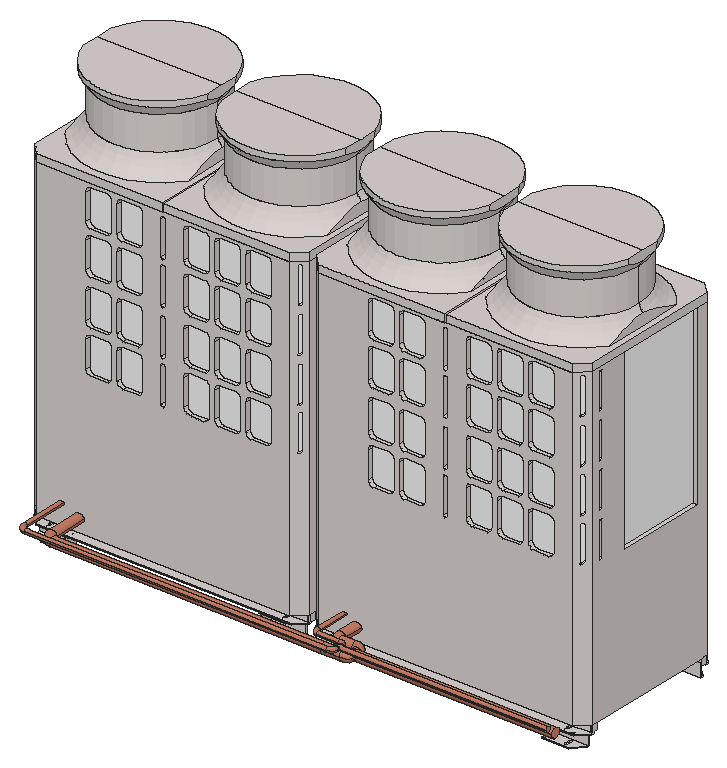
Revit family "PUHY-EP850YSNW-A", category Mechanical Equipment, Revit 2012 (continued)
Definition of nested family "PUHY-EP450YNW-A"
  Dimensions and locks
    cut or joined group 1 (Extrusion 1, Extrusion 2, Extrusion 3, Extrusion 4, Extrusion 5, Extrusion 6, Extrusion 7, Extrusion 8, Extrusion 9, Extrusion 10, Extrusion 11, Extrusion 12, Extrusion 13, Extrusion 14, Extrusion 15, Extrusion 16, Extrusion 17, Extrusion 18, Extrusion 19, Extrusion 20, Extrusion 21, Extrusion 22, Extrusion 23, Extrusion 24, Extrusion 25, Extrusion 26, Extrusion 27, Extrusion 28, Extrusion 29, Extrusion 30, Extrusion 31, Extrusion 32, Extrusion 33) to plane 19 "132" = 132 mm
    cut or joined group 1 to plane 22 = 207 mm
    cut or joined group 1 to plane 23 = 256 mm
    cut or joined group 1 to plane 6 = 60 mm
    cut or joined group 1 to cut or joined group 1 = 42.154 mm
    cut or joined group 1 to cut or joined group 1 = 11.895 mm
    nested 1 to nested 3 to level = 1798 mm, 60 mm
    nested 1 to nested 1 = 303 mm
    nested 1 to nested 3 = 1495 mm
    nested 8 to nested 8 to nested 8 to nested 7 to nested 7 to nested 7 = 54 mm, 20 mm, 592 mm, 20 mm, 54 mm
    nested 3 to nested 3 = 56 mm
    plane 11 to plane 31 to plane 32 to cut or joined group 1 = 90 mm, 1060 mm, 90 mm
    curve 103 to nested 7 = 90 mm
    curve 104 to nested 7 = 125 mm
    curve 101 to nested 7 = 100 mm
    curve 11 to curve 13 to nested 7 = 84 mm, 71 mm
    cut or joined group 1 to curve 12 to curve 14 = 125 mm, 148 mm
    nested 2 to nested 7 = 1495 mm
    curve 87 to cut or joined group 1 = 152 mm
    curve 88 to cut or joined group 1 = 172 mm
    curve 89 to cut or joined group 1 = 216 mm
    cut or joined group 1 to curve 4 to curve 2 = 128 mm, 150 mm
    cut or joined group 1 to curve 1 to curve 3 = 79 mm, 94 mm
    Extrusion 32 sketch curve to nested 7 = 116 mm
    cut or joined group 1 to Extrusion 32 sketch curve = 160 mm
    cut or joined group 1 to Extrusion 33 sketch curve = 243 mm
    Extrusion 33 sketch curve to nested 7 = 116 mm
    aligned and locked: level to plane 2
    aligned and locked: Extrusion 1 to plane 4
  Nested families
    nested 1: "FAN GUARD" at (-311.5, 2, 860), type "FAN GUARD"
      with WIDTH 870 mm
    nested 2: "FAN GUARD" at (311.5, 2, 860) x (-1, 0, 0) z (0, 0, 1), type "FAN GUARD"
      with WIDTH 870 mm
    nested 3: "ATTACHMENT LEG" at (-524, -349, 0), type "ATTACHMENT LEG"
    nested 4: "ATTACHMENT LEG" at (-524, 349, 0), type "ATTACHMENT LEG"
    nested 5: "ATTACHMENT LEG" at (524, -349, 0) x (-1, 0, 0) z (0, 0, 1), type "ATTACHMENT LEG"
    nested 6: "ATTACHMENT LEG" at (524, 349, 0) x (-1, 0, 0) z (0, 0, 1), type "ATTACHMENT LEG"
    nested 7: "BASE LEG_L_" at (0, -352, 60), type "BASE LEG_L_"
      with Width 1240 mm
    nested 8: "BASE LEG_L_" at (0, 352, 60), type "BASE LEG_L_"
      with Width 1240 mm
  Connectors
    piping at (-460, -191, 176), driven by "Liquid pipe_radius"
      settings: on cut or joined group 1, index 3, connector radius 12.7 mm, flow factor 0, pipe flow 0.0 L/s, pressure drop 0.0 Pa, fitting loss kfactor 0, connector angle 0.00°, fixture units 0, engagement length 0 mm, flow configuration 0, flow direction 0, fitting loss method 0, system type 22, joint type 0, gender type 0, connector reference index -1, connector utility 0, adjustable connector no, is connector primary yes, fitting loss table "", connector description "Refrigerant service valve<Liquid pipe>"
    piping at (-377, -191, 176), driven by "Gas pipe_radius"
      settings: on cut or joined group 1, index 4, connector radius 14.29 mm, flow factor 0, pipe flow 0.0 L/s, pressure drop 0.0 Pa, fitting loss kfactor 0, connector angle 0.00°, fixture units 0, engagement length 0 mm, flow configuration 0, flow direction 0, fitting loss method 0, system type 22, joint type 0, gender type 0, connector reference index -1, connector utility 0, adjustable connector no, is connector primary no, fitting loss table "", connector description "Refrigerant service valve<Gas>"
    electrical at (0, -370, 808)
      settings: on cut or joined group 1, index 5, voltage 0 V, apparent load 0 VA, apparent load phase1 0 VA, apparent load phase2 0 VA, apparent load phase3 0 VA, power factor 1, load classification "HVAC", number of poles 1, system type 30, power factor state 1, is connector primary yes, connector utility no, sub classification motor no, connector description ""
  Definition of nested family "FAN GUARD"
    Parameters (values of type "FAN GUARD")
      WIDTH [instance] = 870 mm
    Reference planes
      plane 1 "中心(正面/背面)": y = -2
      plane 2: z = 0
      plane 3 "ファンガード基準面": z = 661
      plane 4: y = 368
      plane 5: x = 366
      plane 6: x = -375
      plane 7 "ファンガード基準上面": z = 695
      plane 8 "ファンガード上面": z = 998
      plane 9: x = -273.971
      plane 10: x = 308.5
      plane 11: x = -308.5
      plane 12: x = 0
    Forms (mm)
      Extrusion 1, solid, material "Paint_5Y 8/1"
        sketch origin (85, 0, 661) x (-1, 0, 0) y (0, -1, 0)
          loop
            line (343.5, -368) -> (393.5, -318) -> (393.5, 322) -> (343.5, 372) -> (-223.5, 372) -> (-223.5, -368) -> (343.5, -368)
        from 0 to 34
      Revolve 2, solid, material "Paint_5Y 8/1"
        sketch origin (0, -2, 0) x (1, 0, 0) y (0, 0, 1)
          loop
            line (0, 695) -> (0, 998) -> (-290, 998) -> (-290, 972.327) -> (-260, 928.372) -> (-260, 777.384)
            arc (-260, 777.384) -> (-290.651, 730.137) -> (-334.665, 695) r 175.882
            line (-334.665, 695) -> (0, 695)
          axis (0, 998) -> (0, 695)
        angle from 0 to 360
      Extrusion 3, void
        sketch origin (-840, 75, 695) x (-1, 0, 0) y (0, -1, 0)
          loop
            line (-410, -165) -> (-410, 315) -> (-561.253, 315) -> (-561.253, -165) -> (-410, -165)
        from -35 to 430.592
      Extrusion 4, void
        sketch origin (840, 75, 695) x (1, 0, 0) y (0, 1, 0)
          loop
            line (-410, 165) -> (-561.253, 165) -> (-561.253, -315) -> (-410, -315) -> (-410, 165)
        from 0 to 430.592
    Cuts and joins
      Extrusion 3, Extrusion 4 cuts Revolve 2
      Extrusion 4 cuts Extrusion 1
    Lines and regions (mm)
      model lines
        curve 1: line (-278.747, 0, 998) -> (-80, 0, 998)
        curve 2: line (80, 0, 998) -> (278.747, 0, 998)
        curve 3: circle (0, 0, 998) r 80 normal (0, 0, 1)
        curve 4: line (-278.747, -80, 998) -> (278.747, -80, 998)
        curve 5: line (-241.868, -160, 998) -> (241.868, -160, 998)
        curve 6: line (-162.788, -240, 998) -> (162.788, -240, 998)
        curve 7: line (-278.747, 80, 998) -> (278.747, 80, 998)
        curve 8: line (-241.868, 160, 998) -> (240, 160, 998)
        curve 9: line (-160, 240, 998) -> (162.788, 240, 998)
        curve 10: line (0, 290, 998) -> (0, -290, 998)
        curve 11: line (-20, 289.31, 998) -> (-20, -289.31, 998)
        curve 12: line (-40, 287.228, 998) -> (-40, -287.228, 998)
        curve 13: line (-60, 283.725, 998) -> (-60, -283.725, 998)
        curve 14: line (-80, 278.747, 998) -> (-80, -278.747, 998)
        curve 15: line (20, 289.31, 998) -> (20, -289.31, 998)
        curve 16: line (40, 287.228, 998) -> (40, -287.228, 998)
        curve 17: line (60, 283.725, 998) -> (60, -283.725, 998)
        curve 18: line (80, 278.747, 998) -> (80, -278.747, 998)
        curve 19: line (100, 272.213, 998) -> (100, -272.213, 998)
        curve 20: line (120, 264.008, 998) -> (120, -264.008, 998)
        curve 21: line (140, 253.969, 998) -> (140, -253.969, 998)
        curve 22: line (160, 241.868, 998) -> (160, -243.132, 998)
        curve 23: line (180, 227.376, 998) -> (180, -227.624, 998)
        curve 24: line (200, 210, 998) -> (200, -210, 998)
        curve 25: line (220, 188.944, 998) -> (220, -188.944, 998)
        curve 26: line (240, 160, 998) -> (240, -162.788, 998)
        curve 27: line (260, 128.452, 998) -> (260, -128.452, 998)
        curve 28: line (-100, 272.213, 998) -> (-100, -272.213, 998)
        curve 29: line (-120, 264.008, 998) -> (-120, -264.008, 998)
        curve 30: line (-140, 253.969, 998) -> (-140, -253.969, 998)
        curve 31: line (-160, 240, 998) -> (-160, -241.868, 998)
        curve 32: line (-180, 227.376, 998) -> (-180, -227.376, 998)
        curve 33: line (-200, 210, 998) -> (-200, -210, 998)
        curve 34: line (-220, 188.944, 998) -> (-220, -188.944, 998)
        curve 35: line (-240, 162.788, 998) -> (-240, -162.788, 998)
        curve 36: line (-260, 128.452, 998) -> (-260, -128.452, 998)
        curve 37: line (10, 79.373, 998) -> (10, -79.373, 998)
        curve 38: line (-10, 79.373, 998) -> (-10, -79.373, 998)
        curve 39: line (30, 74.162, 998) -> (30, -74.162, 998)
        curve 40: line (50, 62.45, 998) -> (50, -62.45, 998)
        curve 41: line (70, 38.73, 998) -> (70, -38.73, 998)
        curve 42: line (-30, 74.162, 998) -> (-30, -74.162, 998)
        curve 43: line (-50, 62.45, 998) -> (-50, -62.45, 998)
        curve 44: line (-70, 38.73, 998) -> (-70, -38.73, 998)
    Dimensions and locks
      locked: plane 8 "ファンガード上面" to plane 7 "ファンガード基準上面" at 303
      plane 8 "ファンガード上面" to plane 3 "ファンガード基準面" = 337 mm
      Revolve 2 sketch curve to Revolve 2 sketch curve = 290 mm
      Extrusion 1 sketch curve to Extrusion 1 sketch curve = 740 mm
      equal spacing: Extrusion 1 sketch curve, plane 1 "中心(正面/背面)", Extrusion 1 sketch curve
      plane 6 to plane 5 = 741 mm
      Extrusion 1 sketch curve to Extrusion 1 sketch curve = 617 mm
      plane 11 to plane 10 = 617 mm
      cut or joined group of Extrusion 1, Extrusion 4 to cut or joined group of Extrusion 1, Extrusion 4 = 617 mm
      cut or joined group of Extrusion 1, Extrusion 4 to cut or joined group of Extrusion 1, Extrusion 4 = 740 mm
      aligned and locked: level to plane 2
      aligned and locked: plane 7 "ファンガード基準上面" to Extrusion 1
      aligned and locked: plane 3 "ファンガード基準面" to Extrusion 1
      aligned and locked: cut or joined group of Revolve 2, Extrusion 3, Extrusion 4 to plane 8 "ファンガード上面"
  Definition of nested family "ATTACHMENT LEG"
    Parameters (values of type "ATTACHMENT LEG")
      Width = 145 mm
    Reference planes
      plane 1: z = 0
      plane 2 "中心(左/右)": x = -6
      plane 3: x = -52
      plane 4: x = 85
      plane 5: x = 93
      plane 6: y = -21
      plane 7: y = 27
      plane 8: x = -30
      plane 9: y = 39
      plane 10: z = 60
      plane 11: z = 57
      plane 12: z = 3
      plane 13: x = 82
      plane 14: y = 36
      plane 15: x = -75
      plane 16: y = 31
      plane 17 "幅": x = 93
      plane 18: y = 2.5
      plane 19: y = 21
      plane 20: y = -10
    Forms (mm)
      Extrusion 1, solid, material "Paint_5Y 8/1"
        sketch origin (0, -1, 0) x (1, 0, 0) y (0, 1, 0)
          loop
            line (-75, 36) -> (-75, 27) -> (-28, -20) -> (93, -20) -> (93, 32) -> (85, 32) -> (85, 36) -> (-75, 36)
        from 0 to 60
      Extrusion 2, void
        sketch origin (0, -3, 0) x (1, 0, 0) y (0, 0, 1)
          loop
            line (-75, 57) -> (-75, 3) -> (82, 3) -> (82, 57) -> (-75, 57)
          loop
            line (93, 57) -> (85, 57) -> (85, 3) -> (93, 3) -> (93, 57)
        from -35 to 18
      Extrusion 3, void
        sketch origin (-6, 5.5, 0) x (1, 0, 0) y (0, 1, 0)
          loop
            arc (-7, -8.5) -> (0, -15.5) -> (7, -8.5) r 7
            line (7, -8.5) -> (7, 8.5)
            arc (7, 8.5) -> (0, 15.5) -> (-7, 8.5) r 7
            line (-7, 8.5) -> (-7, -8.5)
        from 0 to 60
    Cuts and joins
      Extrusion 2, Extrusion 3 cuts Extrusion 1
    Dimensions and locks
      locked: plane 3 to plane 4 at 137
      locked: plane 3 to plane 5 at 145
      plane 6 to plane 7 = 48 mm
      locked: plane 10 to level at 60
      Extrusion 3 sketch curve to plane 2 "中心(左/右)" = 7 mm
      locked: plane 15 to plane 2 "中心(左/右)" at 69
      locked: plane 15 to plane 8 at 45
      locked: plane 6 to plane 18 at 23.5
      cut or joined group of Extrusion 1, Extrusion 2, Extrusion 3 to cut or joined group of Extrusion 1, Extrusion 2, Extrusion 3 = 168 mm
      cut or joined group of Extrusion 1, Extrusion 2, Extrusion 3 to cut or joined group of Extrusion 1, Extrusion 2, Extrusion 3 = 56 mm  (x2)
      plane 14 to plane 6 = 57 mm
      aligned and locked: level to plane 1
      aligned and locked: Extrusion 1 sketch curve to plane 4
      aligned and locked: Extrusion 1 sketch curve to plane 5
      aligned: plane 8 to Extrusion 1 sketch curve
      aligned and locked: plane 10 to Extrusion 1
      aligned and locked: Extrusion 2 sketch curve to plane 11
      aligned: plane 3 to Extrusion 2 sketch curve
      aligned and locked: plane 12 to Extrusion 2 sketch curve
      aligned and locked: Extrusion 2 sketch curve to plane 13
      aligned and locked: plane 6 to Extrusion 2
      aligned and locked: plane 11 to Extrusion 2 sketch curve
      aligned and locked: plane 5 to Extrusion 2 sketch curve
      aligned and locked: Extrusion 2 sketch curve to plane 12
      aligned and locked: Extrusion 2 sketch curve to plane 4
      aligned and locked: plane 15 to Extrusion 1 sketch curve
      aligned and locked: Extrusion 2 sketch curve to cut or joined group of Extrusion 1, Extrusion 2, Extrusion 3
      aligned and locked: Extrusion 1 to plane 16
  Definition of nested family "BASE LEG_L_"
    Parameters (values of type "BASE LEG_L_")
      Width [instance] = 1240 mm
    Reference planes
      plane 1 "中心(正面/背面)": y = 0
      plane 2: z = 0
      plane 3 "中心(左/右)": x = 0
      plane 4: x = 620
      plane 5: x = -620
      plane 6: x = -530
      plane 7: x = 530
      plane 8: y = -18
      plane 9: y = 39
      plane 10: z = 53
      plane 11: y = 42
      plane 12: y = 27
      plane 13: x = 575
      plane 14: x = -575
      plane 15: z = 8
      plane 16: y = 11.5
      plane 17: z = 35
    Forms (mm)
      Extrusion 1, solid, material "Paint_5Y 8/1"
        sketch origin (0, 0, 0) x (0, 1, 0) y (0, 0, 1)
          loop
            line (-18, 0) -> (36, 0) -> (36, 32) -> (56, 32) -> (56, 35) -> (33, 35) -> (33, 3) -> (-18, 3) -> (-18, 0)
        from -620 to 620
      Extrusion 2, void
        sketch origin (0, 0, 0) x (1, 0, 0) y (0, 1, 0)
          loop
            line (575, -18) -> (620, -18) -> (620, 27) -> (575, -18)
          loop
            line (-575, -18) -> (-620, 27) -> (-620, -18) -> (-575, -18)
        from 0 to 250
      Extrusion 3, void
        sketch origin (0, 12.023, 0) x (1, 0, 0) y (0, 1, 0)
          loop
            arc (523, -2.971) -> (530, -9.971) -> (537, -2.971) r 7
            line (537, -2.971) -> (537, 3.023)
            arc (537, 3.023) -> (530, 10.023) -> (523, 3.023) r 7
            line (523, 3.023) -> (523, -2.971)
          loop
            line (-523, -2.971) -> (-523, 3.023)
            arc (-523, 3.023) -> (-530, 10.023) -> (-537, 3.023) r 7
            line (-537, 3.023) -> (-537, -2.971)
            arc (-537, -2.971) -> (-530, -9.971) -> (-523, -2.971) r 7
        from 0 to 250
      Extrusion 4, solid, material "Paint_5Y 8/1"
        sketch origin (0, 0, -3) x (1, 0, 0) y (0, 0, 1)
          loop
            line (617, 8) -> (620, 8) -> (620, 35) -> (617, 35) -> (617, 8)
          loop
            line (-617, 8) -> (-617, 35) -> (-620, 35) -> (-620, 8) -> (-617, 8)
        from -36 to -56
      Extrusion 5, solid, material "Paint_5Y 8/1"
        sketch origin (150, 352, 0) x (1, 0, 0) y (0, 1, 0)
          loop
            line (460, -319) -> (455, -319) -> (455, -320) -> (405, -370) -> (410, -370) -> (460, -320) -> (460, -319)
        from 3 to 35
      Extrusion 6, void
        sketch origin (560, -18, 0) x (0.707107, 0.707107, 0) y (0, 0, 1)
          loop
            line (70.711, 3) -> (-6.741, 39.767) -> (-6.741, 3) -> (70.711, 3)
        from -190.256 to 23.776
      Extrusion 7, solid, material "Paint_5Y 8/1"
        sketch origin (-150, 352, 0) x (-1, 0, 0) y (0, -1, 0)
          loop
            line (460, 319) -> (460, 320) -> (410, 370) -> (405, 370) -> (455, 320) -> (455, 319) -> (460, 319)
        from 3 to 35
      Extrusion 8, void
        sketch origin (-560, -18, 0) x (0.707107, -0.707107, 0) y (0, 0, -1)
          loop
            line (-70.711, -3) -> (0, -35) -> (6.741, -35) -> (6.741, -3) -> (-70.711, -3)
        from -190.256 to 23.776
    Cuts and joins
      Extrusion 2, Extrusion 3 cuts Extrusion 1
      joined: Extrusion 1, Extrusion 4
      Extrusion 8 cuts Extrusion 7
      Extrusion 6 cuts Extrusion 5
    Dimensions and locks
      "Width": plane 5 to plane 4
      equal spacing: plane 5, plane 3 "中心(左/右)", plane 4
      locked: plane 5 to plane 6 at 90
      locked: plane 7 to plane 4 at 90
      locked: plane 8 to plane 9 at 57
      locked: plane 10 to level at 53
      locked: plane 9 to plane 11 at 3
      plane 8 to plane 12 = 45 mm
      locked: plane 13 to plane 4 at 45
      locked: plane 5 to plane 14 at 45
      equal spacing: Extrusion 3 sketch curve, plane 7, Extrusion 3 sketch curve
      equal spacing: Extrusion 3 sketch curve, plane 6, Extrusion 3 sketch curve
      locked: plane 10 to plane 15 at 45
      locked: cut or joined group of Extrusion 1, Extrusion 2, Extrusion 3, Extrusion 4 to Extrusion 4 sketch curve at 3  (x2)
      locked: plane 8 to plane 16 at 29.5
      plane 8 to plane 11 = 60 mm
      cut or joined group of Extrusion 1, Extrusion 2, Extrusion 3, Extrusion 4 to cut or joined group of Extrusion 1, Extrusion 2, Extrusion 3, Extrusion 4 = 35 mm
      aligned and locked: level to plane 2
      aligned and locked: plane 8 to Extrusion 1 sketch curve
      aligned and locked: plane 4 to Extrusion 1
      aligned and locked: Extrusion 1 to plane 5
      aligned and locked: Extrusion 2 sketch curve to plane 4
      aligned and locked: Extrusion 2 sketch curve to plane 8
      aligned and locked: plane 12 to Extrusion 2 sketch curve
      aligned and locked: plane 13 to Extrusion 2 sketch curve
      aligned and locked: plane 4 to Extrusion 4 sketch curve
      aligned and locked: plane 5 to Extrusion 4 sketch curve
      aligned and locked: cut or joined group of Extrusion 7, Extrusion 8 to cut or joined group of Extrusion 1, Extrusion 2, Extrusion 3, Extrusion 4
    Automatic sketch dimensions
      Extrusion 3 sketch curve to plane 1 "中心(正面/背面)" = 9.052 mm  (x2)
      Extrusion 3 sketch curve to plane 7 = 7 mm
      Extrusion 3 sketch curve to plane 1 "中心(正面/背面)" = 15.046 mm  (x2)
      Extrusion 3 sketch curve to plane 6 = 7 mm
      Extrusion 2 sketch curve to plane 5 = 0 mm
      plane 8 to Extrusion 2 sketch curve = 0 mm
      Extrusion 2 sketch curve to plane 14 = 0 mm
      plane 12 to Extrusion 2 sketch curve = 0 mm
      Extrusion 4 sketch curve to plane 10 = 21 mm
      plane 7 to Extrusion 5 sketch curve = 25 mm
      Extrusion 5 sketch curve to Extrusion 5 sketch curve = 5 mm  (x2)
      plane 7 to Extrusion 5 sketch curve = 75 mm
      plane 8 to Extrusion 5 sketch curve = 0 mm
      Extrusion 5 sketch curve to Extrusion 5 sketch curve = 50 mm
      Extrusion 5 sketch curve to Extrusion 5 sketch curve = 0 mm
      Extrusion 5 sketch curve to Extrusion 5 sketch curve = 1 mm
      Extrusion 6 sketch curve to Extrusion 5 = 0 mm  (x2)
      Extrusion 6 sketch curve to Extrusion 5 = 6.741 mm
      Extrusion 6 sketch curve to Extrusion 5 = 4.767 mm
      plane 6 to Extrusion 7 sketch curve = 25 mm
      Extrusion 7 sketch curve to Extrusion 7 sketch curve = 5 mm  (x2)
      Extrusion 7 sketch curve to Extrusion 7 sketch curve = 45 mm
      Extrusion 7 sketch curve to plane 8 = 0 mm
      Extrusion 7 sketch curve to Extrusion 7 sketch curve = 50 mm
      Extrusion 7 sketch curve to Extrusion 7 sketch curve = 0 mm
      Extrusion 7 sketch curve to Extrusion 7 sketch curve = 1 mm
      Extrusion 8 sketch curve to Extrusion 7 = 0 mm  (x2)
      Extrusion 7 to Extrusion 8 sketch curve = 0 mm  (x2)
      Extrusion 7 to Extrusion 8 sketch curve = 6.741 mm
      Extrusion 4 sketch curve to plane 17 = 3 mm
      Extrusion 4 sketch curve to plane 15 = 3 mm  (x2)
      Extrusion 1 sketch curve to plane 17 = 0 mm
      Extrusion 1 sketch curve to level = 0 mm
      level to Extrusion 1 sketch curve = 3 mm
      plane 9 to Extrusion 1 sketch curve = 6 mm
      plane 9 to Extrusion 1 sketch curve = 3 mm
      Extrusion 1 sketch curve to plane 17 = 3 mm
      Extrusion 1 sketch curve to plane 11 = 14 mm
Definition of nested family "PUHY-EP400YNW-A"
  Parameters (values of type "PUHY-P350YNW-A")
    Model = "PUHY-P350YNW-A"
    URL = "http://www.mitsubishielectric.com/"
    Manufacturer = "Mitsubishi Electric Corporation"
    Liquid pipe_radius = 12.7 mm
    Gas pipe_radius = 14.29 mm
  Reference planes
    plane 1 "Center (Front/Back)": y = 0
    plane 2: z = 0
    plane 3 "Center (Left/Right)": x = 0
    plane 4: y = 370
    plane 5: z = 1858
    plane 6: y = -260
    plane 7: y = -204
    plane 8: y = -185
    plane 9: x = -620
    plane 10: x = 620
    plane 11: x = -620
    plane 12: z = 716
    plane 13: x = -524
    plane 14: z = 669
    plane 15: x = -50.5
    plane 16: x = 51
    plane 17: x = 489
    plane 18: x = 467
    plane 19 "132": x = 488
    plane 20 "100": z = 160
    plane 21: z = 185
    plane 22: x = 413
    plane 23: x = 364
    plane 24: z = 150
    plane 25: x = -287.25
    plane 26: x = -137.25
    plane 27: x = -272.25
    plane 28: y = -278
    plane 29: z = 1509
    plane 30: y = -370
    plane 31: x = -530
    plane 32: x = 530
    plane 33 "179": y = -191
  Forms (mm)
    Extrusion 1, solid, material "Paint_5Y 8/1"
      sketch origin (-1, 0, 113) x (-1, 0, 0) y (0, -1, 0)
        loop
          line (569, -370) -> (619, -320) -> (619, 320) -> (569, 370) -> (-571, 370) -> (-621, 320) -> (-621, -320) -> (-571, -370) -> (569, -370)
      from -18 to 1408
    Extrusion 2, void
      sketch origin (524, -370, 113) x (1, 0, 0) y (0, 0, -1)
        loop
          arc (-60.8, -1393.5) -> (-42.557, -1385.943) -> (-35, -1367.7) r 25.8
          line (-35, -1367.7) -> (-35, -1248.5)
          arc (-35, -1248.5) -> (-42.557, -1230.257) -> (-60.8, -1222.7) r 25.8
          line (-60.8, -1222.7) -> (-126, -1222.7)
          arc (-126, -1222.7) -> (-144.243, -1230.257) -> (-151.8, -1248.5) r 25.8
          line (-151.8, -1248.5) -> (-151.8, -1367.7)
          arc (-151.8, -1367.7) -> (-144.243, -1385.943) -> (-126, -1393.5) r 25.8
          line (-126, -1393.5) -> (-60.8, -1393.5)
      from 0 to 20
    Extrusion 3, void
      sketch origin (524, -370, -81) x (1, 0, 0) y (0, 0, -1)
        loop
          arc (-60.8, -1393.5) -> (-42.557, -1385.943) -> (-35, -1367.7) r 25.8
          line (-35, -1367.7) -> (-35, -1248.5)
          arc (-35, -1248.5) -> (-42.557, -1230.257) -> (-60.8, -1222.7) r 25.8
          line (-60.8, -1222.7) -> (-126, -1222.7)
          arc (-126, -1222.7) -> (-144.243, -1230.257) -> (-151.8, -1248.5) r 25.8
          line (-151.8, -1248.5) -> (-151.8, -1367.7)
          arc (-151.8, -1367.7) -> (-144.243, -1385.943) -> (-126, -1393.5) r 25.8
          line (-126, -1393.5) -> (-60.8, -1393.5)
      from 0 to 20
    Extrusion 4, void
      sketch origin (524, -370, -287) x (1, 0, 0) y (0, 0, -1)
        loop
          arc (-60.8, -1393.5) -> (-42.557, -1385.943) -> (-35, -1367.7) r 25.8
          line (-35, -1367.7) -> (-35, -1248.5)
          arc (-35, -1248.5) -> (-42.557, -1230.257) -> (-60.8, -1222.7) r 25.8
          line (-60.8, -1222.7) -> (-126, -1222.7)
          arc (-126, -1222.7) -> (-144.243, -1230.257) -> (-151.8, -1248.5) r 25.8
          line (-151.8, -1248.5) -> (-151.8, -1367.7)
          arc (-151.8, -1367.7) -> (-144.243, -1385.943) -> (-126, -1393.5) r 25.8
          line (-126, -1393.5) -> (-60.8, -1393.5)
      from 0 to 20
    Extrusion 5, void
      sketch origin (524, -370, -481) x (1, 0, 0) y (0, 0, -1)
        loop
          arc (-60.8, -1393.5) -> (-42.557, -1385.943) -> (-35, -1367.7) r 25.8
          line (-35, -1367.7) -> (-35, -1248.5)
          arc (-35, -1248.5) -> (-42.557, -1230.257) -> (-60.8, -1222.7) r 25.8
          line (-60.8, -1222.7) -> (-126, -1222.7)
          arc (-126, -1222.7) -> (-144.243, -1230.257) -> (-151.8, -1248.5) r 25.8
          line (-151.8, -1248.5) -> (-151.8, -1367.7)
          arc (-151.8, -1367.7) -> (-144.243, -1385.943) -> (-126, -1393.5) r 25.8
          line (-126, -1393.5) -> (-60.8, -1393.5)
      from 0 to 20
    Extrusion 6, void
      sketch origin (384, -370, 113) x (1, 0, 0) y (0, 0, -1)
        loop
          arc (-60.8, -1393.5) -> (-42.557, -1385.943) -> (-35, -1367.7) r 25.8
          line (-35, -1367.7) -> (-35, -1248.5)
          arc (-35, -1248.5) -> (-42.557, -1230.257) -> (-60.8, -1222.7) r 25.8
          line (-60.8, -1222.7) -> (-126, -1222.7)
          arc (-126, -1222.7) -> (-144.243, -1230.257) -> (-151.8, -1248.5) r 25.8
          line (-151.8, -1248.5) -> (-151.8, -1367.7)
          arc (-151.8, -1367.7) -> (-144.243, -1385.943) -> (-126, -1393.5) r 25.8
          line (-126, -1393.5) -> (-60.8, -1393.5)
      from 0 to 20
    Extrusion 7, void
      sketch origin (384, -370, -81) x (1, 0, 0) y (0, 0, -1)
        loop
          arc (-60.8, -1393.5) -> (-42.557, -1385.943) -> (-35, -1367.7) r 25.8
          line (-35, -1367.7) -> (-35, -1248.5)
          arc (-35, -1248.5) -> (-42.557, -1230.257) -> (-60.8, -1222.7) r 25.8
          line (-60.8, -1222.7) -> (-126, -1222.7)
          arc (-126, -1222.7) -> (-144.243, -1230.257) -> (-151.8, -1248.5) r 25.8
          line (-151.8, -1248.5) -> (-151.8, -1367.7)
          arc (-151.8, -1367.7) -> (-144.243, -1385.943) -> (-126, -1393.5) r 25.8
          line (-126, -1393.5) -> (-60.8, -1393.5)
      from 0 to 20
    Extrusion 8, void
      sketch origin (384, -370, -287) x (1, 0, 0) y (0, 0, -1)
        loop
          arc (-60.8, -1393.5) -> (-42.557, -1385.943) -> (-35, -1367.7) r 25.8
          line (-35, -1367.7) -> (-35, -1248.5)
          arc (-35, -1248.5) -> (-42.557, -1230.257) -> (-60.8, -1222.7) r 25.8
          line (-60.8, -1222.7) -> (-126, -1222.7)
          arc (-126, -1222.7) -> (-144.243, -1230.257) -> (-151.8, -1248.5) r 25.8
          line (-151.8, -1248.5) -> (-151.8, -1367.7)
          arc (-151.8, -1367.7) -> (-144.243, -1385.943) -> (-126, -1393.5) r 25.8
          line (-126, -1393.5) -> (-60.8, -1393.5)
      from 0 to 20
    Extrusion 9, void
      sketch origin (384, -370, -481) x (1, 0, 0) y (0, 0, -1)
        loop
          arc (-60.8, -1393.5) -> (-42.557, -1385.943) -> (-35, -1367.7) r 25.8
          line (-35, -1367.7) -> (-35, -1248.5)
          arc (-35, -1248.5) -> (-42.557, -1230.257) -> (-60.8, -1222.7) r 25.8
          line (-60.8, -1222.7) -> (-126, -1222.7)
          arc (-126, -1222.7) -> (-144.243, -1230.257) -> (-151.8, -1248.5) r 25.8
          line (-151.8, -1248.5) -> (-151.8, -1367.7)
          arc (-151.8, -1367.7) -> (-144.243, -1385.943) -> (-126, -1393.5) r 25.8
          line (-126, -1393.5) -> (-60.8, -1393.5)
      from 0 to 20
    Extrusion 10, void
      sketch origin (244, -370, 113) x (1, 0, 0) y (0, 0, -1)
        loop
          arc (-60.8, -1393.5) -> (-42.557, -1385.943) -> (-35, -1367.7) r 25.8
          line (-35, -1367.7) -> (-35, -1248.5)
          arc (-35, -1248.5) -> (-42.557, -1230.257) -> (-60.8, -1222.7) r 25.8
          line (-60.8, -1222.7) -> (-126, -1222.7)
          arc (-126, -1222.7) -> (-144.243, -1230.257) -> (-151.8, -1248.5) r 25.8
          line (-151.8, -1248.5) -> (-151.8, -1367.7)
          arc (-151.8, -1367.7) -> (-144.243, -1385.943) -> (-126, -1393.5) r 25.8
          line (-126, -1393.5) -> (-60.8, -1393.5)
      from 0 to 20
    Extrusion 11, void
      sketch origin (244, -370, -81) x (1, 0, 0) y (0, 0, -1)
        loop
          arc (-60.8, -1393.5) -> (-42.557, -1385.943) -> (-35, -1367.7) r 25.8
          line (-35, -1367.7) -> (-35, -1248.5)
          arc (-35, -1248.5) -> (-42.557, -1230.257) -> (-60.8, -1222.7) r 25.8
          line (-60.8, -1222.7) -> (-126, -1222.7)
          arc (-126, -1222.7) -> (-144.243, -1230.257) -> (-151.8, -1248.5) r 25.8
          line (-151.8, -1248.5) -> (-151.8, -1367.7)
          arc (-151.8, -1367.7) -> (-144.243, -1385.943) -> (-126, -1393.5) r 25.8
          line (-126, -1393.5) -> (-60.8, -1393.5)
      from 0 to 20
    Extrusion 12, void
      sketch origin (244, -370, -287) x (1, 0, 0) y (0, 0, -1)
        loop
          arc (-60.8, -1393.5) -> (-42.557, -1385.943) -> (-35, -1367.7) r 25.8
          line (-35, -1367.7) -> (-35, -1248.5)
          arc (-35, -1248.5) -> (-42.557, -1230.257) -> (-60.8, -1222.7) r 25.8
          line (-60.8, -1222.7) -> (-126, -1222.7)
          arc (-126, -1222.7) -> (-144.243, -1230.257) -> (-151.8, -1248.5) r 25.8
          line (-151.8, -1248.5) -> (-151.8, -1367.7)
          arc (-151.8, -1367.7) -> (-144.243, -1385.943) -> (-126, -1393.5) r 25.8
          line (-126, -1393.5) -> (-60.8, -1393.5)
      from 0 to 20
    Extrusion 13, void
      sketch origin (244, -370, -481) x (1, 0, 0) y (0, 0, -1)
        loop
          arc (-60.8, -1393.5) -> (-42.557, -1385.943) -> (-35, -1367.7) r 25.8
          line (-35, -1367.7) -> (-35, -1248.5)
          arc (-35, -1248.5) -> (-42.557, -1230.257) -> (-60.8, -1222.7) r 25.8
          line (-60.8, -1222.7) -> (-126, -1222.7)
          arc (-126, -1222.7) -> (-144.243, -1230.257) -> (-151.8, -1248.5) r 25.8
          line (-151.8, -1248.5) -> (-151.8, -1367.7)
          arc (-151.8, -1367.7) -> (-144.243, -1385.943) -> (-126, -1393.5) r 25.8
          line (-126, -1393.5) -> (-60.8, -1393.5)
      from 0 to 20
    Extrusion 14, void
      sketch origin (-56, -370, 113) x (1, 0, 0) y (0, 0, -1)
        loop
          arc (-60.8, -1393.5) -> (-42.557, -1385.943) -> (-35, -1367.7) r 25.8
          line (-35, -1367.7) -> (-35, -1248.5)
          arc (-35, -1248.5) -> (-42.557, -1230.257) -> (-60.8, -1222.7) r 25.8
          line (-60.8, -1222.7) -> (-126, -1222.7)
          arc (-126, -1222.7) -> (-144.243, -1230.257) -> (-151.8, -1248.5) r 25.8
          line (-151.8, -1248.5) -> (-151.8, -1367.7)
          arc (-151.8, -1367.7) -> (-144.243, -1385.943) -> (-126, -1393.5) r 25.8
          line (-126, -1393.5) -> (-60.8, -1393.5)
      from 0 to 20
    Extrusion 15, void
      sketch origin (-56, -370, -81) x (1, 0, 0) y (0, 0, -1)
        loop
          arc (-60.8, -1393.5) -> (-42.557, -1385.943) -> (-35, -1367.7) r 25.8
          line (-35, -1367.7) -> (-35, -1248.5)
          arc (-35, -1248.5) -> (-42.557, -1230.257) -> (-60.8, -1222.7) r 25.8
          line (-60.8, -1222.7) -> (-126, -1222.7)
          arc (-126, -1222.7) -> (-144.243, -1230.257) -> (-151.8, -1248.5) r 25.8
          line (-151.8, -1248.5) -> (-151.8, -1367.7)
          arc (-151.8, -1367.7) -> (-144.243, -1385.943) -> (-126, -1393.5) r 25.8
          line (-126, -1393.5) -> (-60.8, -1393.5)
      from 0 to 20
    Extrusion 16, void
      sketch origin (-56, -370, -287) x (1, 0, 0) y (0, 0, -1)
        loop
          arc (-60.8, -1393.5) -> (-42.557, -1385.943) -> (-35, -1367.7) r 25.8
          line (-35, -1367.7) -> (-35, -1248.5)
          arc (-35, -1248.5) -> (-42.557, -1230.257) -> (-60.8, -1222.7) r 25.8
          line (-60.8, -1222.7) -> (-126, -1222.7)
          arc (-126, -1222.7) -> (-144.243, -1230.257) -> (-151.8, -1248.5) r 25.8
          line (-151.8, -1248.5) -> (-151.8, -1367.7)
          arc (-151.8, -1367.7) -> (-144.243, -1385.943) -> (-126, -1393.5) r 25.8
          line (-126, -1393.5) -> (-60.8, -1393.5)
      from 0 to 20
    Extrusion 17, void
      sketch origin (-56, -370, -481) x (1, 0, 0) y (0, 0, -1)
        loop
          arc (-60.8, -1393.5) -> (-42.557, -1385.943) -> (-35, -1367.7) r 25.8
          line (-35, -1367.7) -> (-35, -1248.5)
          arc (-35, -1248.5) -> (-42.557, -1230.257) -> (-60.8, -1222.7) r 25.8
          line (-60.8, -1222.7) -> (-126, -1222.7)
          arc (-126, -1222.7) -> (-144.243, -1230.257) -> (-151.8, -1248.5) r 25.8
          line (-151.8, -1248.5) -> (-151.8, -1367.7)
          arc (-151.8, -1367.7) -> (-144.243, -1385.943) -> (-126, -1393.5) r 25.8
          line (-126, -1393.5) -> (-60.8, -1393.5)
      from 0 to 20
    Extrusion 18, void
      sketch origin (-196, -370, 113) x (1, 0, 0) y (0, 0, -1)
        loop
          arc (-60.8, -1393.5) -> (-42.557, -1385.943) -> (-35, -1367.7) r 25.8
          line (-35, -1367.7) -> (-35, -1248.5)
          arc (-35, -1248.5) -> (-42.557, -1230.257) -> (-60.8, -1222.7) r 25.8
          line (-60.8, -1222.7) -> (-126, -1222.7)
          arc (-126, -1222.7) -> (-144.243, -1230.257) -> (-151.8, -1248.5) r 25.8
          line (-151.8, -1248.5) -> (-151.8, -1367.7)
          arc (-151.8, -1367.7) -> (-144.243, -1385.943) -> (-126, -1393.5) r 25.8
          line (-126, -1393.5) -> (-60.8, -1393.5)
      from 0 to 20
    Extrusion 19, void
      sketch origin (-196, -370, -81) x (1, 0, 0) y (0, 0, -1)
        loop
          arc (-60.8, -1393.5) -> (-42.557, -1385.943) -> (-35, -1367.7) r 25.8
          line (-35, -1367.7) -> (-35, -1248.5)
          arc (-35, -1248.5) -> (-42.557, -1230.257) -> (-60.8, -1222.7) r 25.8
          line (-60.8, -1222.7) -> (-126, -1222.7)
          arc (-126, -1222.7) -> (-144.243, -1230.257) -> (-151.8, -1248.5) r 25.8
          line (-151.8, -1248.5) -> (-151.8, -1367.7)
          arc (-151.8, -1367.7) -> (-144.243, -1385.943) -> (-126, -1393.5) r 25.8
          line (-126, -1393.5) -> (-60.8, -1393.5)
      from 0 to 20
    Extrusion 20, void
      sketch origin (-196, -370, -287) x (1, 0, 0) y (0, 0, -1)
        loop
          arc (-60.8, -1393.5) -> (-42.557, -1385.943) -> (-35, -1367.7) r 25.8
          line (-35, -1367.7) -> (-35, -1248.5)
          arc (-35, -1248.5) -> (-42.557, -1230.257) -> (-60.8, -1222.7) r 25.8
          line (-60.8, -1222.7) -> (-126, -1222.7)
          arc (-126, -1222.7) -> (-144.243, -1230.257) -> (-151.8, -1248.5) r 25.8
          line (-151.8, -1248.5) -> (-151.8, -1367.7)
          arc (-151.8, -1367.7) -> (-144.243, -1385.943) -> (-126, -1393.5) r 25.8
          line (-126, -1393.5) -> (-60.8, -1393.5)
      from 0 to 20
    Extrusion 21, void
      sketch origin (-196, -370, -481) x (1, 0, 0) y (0, 0, -1)
        loop
          arc (-60.8, -1393.5) -> (-42.557, -1385.943) -> (-35, -1367.7) r 25.8
          line (-35, -1367.7) -> (-35, -1248.5)
          arc (-35, -1248.5) -> (-42.557, -1230.257) -> (-60.8, -1222.7) r 25.8
          line (-60.8, -1222.7) -> (-126, -1222.7)
          arc (-126, -1222.7) -> (-144.243, -1230.257) -> (-151.8, -1248.5) r 25.8
          line (-151.8, -1248.5) -> (-151.8, -1367.7)
          arc (-151.8, -1367.7) -> (-144.243, -1385.943) -> (-126, -1393.5) r 25.8
          line (-126, -1393.5) -> (-60.8, -1393.5)
      from 0 to 20
    Extrusion 22, void
      sketch origin (620, 320, 113) x (0, 1, 0) y (0, 0, -1)
        loop
          line (-462.3, -1408) -> (-50.8, -1408) -> (-50.8, -612) -> (-462.3, -612) -> (-462.3, -1408)
      from 0 to 20
    Extrusion 23, void
      sketch origin (-620, -320, 113) x (0, -1, 0) y (0, 0, -1)
        loop
          line (-535.7, -1408) -> (-207.7, -1408) -> (-207.7, -592) -> (-535.7, -592) -> (-535.7, -1408)
      from 0 to 20
    Extrusion 24, void
      sketch origin (194.892, 370, 113) x (-1, 0, 0) y (0, 0, -1)
        loop
          arc (204.892, -1225.013) -> (194.892, -1215.013) -> (184.892, -1225.013) r 10
          line (184.892, -1225.013) -> (184.892, -1379.987)
          arc (184.892, -1379.987) -> (194.892, -1389.987) -> (204.892, -1379.987) r 10
          line (204.892, -1379.987) -> (204.892, -1225.013)
        loop
          arc (204.892, -1031.013) -> (194.892, -1021.013) -> (184.892, -1031.013) r 10
          line (184.892, -1031.013) -> (184.892, -1185.987)
          arc (184.892, -1185.987) -> (194.892, -1195.987) -> (204.892, -1185.987) r 10
          line (204.892, -1185.987) -> (204.892, -1031.013)
        loop
          arc (204.892, -825.013) -> (194.892, -815.013) -> (184.892, -825.013) r 10
          line (184.892, -825.013) -> (184.892, -979.987)
          arc (184.892, -979.987) -> (194.892, -989.987) -> (204.892, -979.987) r 10
          line (204.892, -979.987) -> (204.892, -825.013)
        loop
          arc (204.892, -631.013) -> (194.892, -621.013) -> (184.892, -631.013) r 10
          line (184.892, -631.013) -> (184.892, -785.987)
          arc (184.892, -785.987) -> (194.892, -795.987) -> (204.892, -785.987) r 10
          line (204.892, -785.987) -> (204.892, -631.013)
      from 0 to 20
    Extrusion 25, void
      sketch origin (-570, 370, 113) x (0.707107, 0.707107, 0) y (0, 0, 1)
        loop
          arc (-45.355, 1236) -> (-35.355, 1226) -> (-25.355, 1236) r 10
          line (-25.355, 1236) -> (-25.355, 1386)
          arc (-25.355, 1386) -> (-35.355, 1396) -> (-45.355, 1386) r 10
          line (-45.355, 1386) -> (-45.355, 1236)
        loop
          arc (-45.355, 1036) -> (-35.355, 1026) -> (-25.355, 1036) r 10
          line (-25.355, 1036) -> (-25.355, 1186)
          arc (-25.355, 1186) -> (-35.355, 1196) -> (-45.355, 1186) r 10
          line (-45.355, 1186) -> (-45.355, 1036)
        loop
          arc (-45.355, 836) -> (-35.355, 826) -> (-25.355, 836) r 10
          line (-25.355, 836) -> (-25.355, 986)
          arc (-25.355, 986) -> (-35.355, 996) -> (-45.355, 986) r 10
          line (-45.355, 986) -> (-45.355, 836)
        loop
          arc (-45.355, 641) -> (-35.355, 631) -> (-25.355, 641) r 10
          line (-25.355, 641) -> (-25.355, 791)
          arc (-25.355, 791) -> (-35.355, 801) -> (-45.355, 791) r 10
          line (-45.355, 791) -> (-45.355, 641)
      from 0 to 20
    Extrusion 26, void
      sketch origin (-620, -320, 113) x (0, -1, 0) y (0, 0, -1)
        loop
          line (-607.846, -1035.895) -> (-607.846, -1186.105)
          arc (-607.846, -1186.105) -> (-597.846, -1196.105) -> (-587.846, -1186.105) r 10
          line (-587.846, -1186.105) -> (-587.846, -1035.895)
          arc (-587.846, -1035.895) -> (-597.846, -1025.895) -> (-607.846, -1035.895) r 10
        loop
          line (-607.846, -835.895) -> (-607.846, -986.105)
          arc (-607.846, -986.105) -> (-597.846, -996.105) -> (-587.846, -986.105) r 10
          line (-587.846, -986.105) -> (-587.846, -835.895)
          arc (-587.846, -835.895) -> (-597.846, -825.895) -> (-607.846, -835.895) r 10
        loop
          line (-607.846, -1235.895) -> (-607.846, -1386.105)
          arc (-607.846, -1386.105) -> (-597.846, -1396.105) -> (-587.846, -1386.105) r 10
          line (-587.846, -1386.105) -> (-587.846, -1235.895)
          arc (-587.846, -1235.895) -> (-597.846, -1225.895) -> (-607.846, -1235.895) r 10
        loop
          line (-607.846, -635.895) -> (-607.846, -786.105)
          arc (-607.846, -786.105) -> (-597.846, -796.105) -> (-587.846, -786.105) r 10
          line (-587.846, -786.105) -> (-587.846, -635.895)
          arc (-587.846, -635.895) -> (-597.846, -625.895) -> (-607.846, -635.895) r 10
      from 0 to 20
    Extrusion 27, void
      sketch origin (1079, -370, 113) x (1, 0, 0) y (0, 0, -1)
        loop
          arc (-1089, -1379.975) -> (-1079, -1389.975) -> (-1069, -1379.975) r 10
          line (-1069, -1379.975) -> (-1069, -1225)
          arc (-1069, -1225) -> (-1079, -1215) -> (-1089, -1225) r 10
          line (-1089, -1225) -> (-1089, -1379.975)
        loop
          arc (-1089, -1185.975) -> (-1079, -1195.975) -> (-1069, -1185.975) r 10
          line (-1069, -1185.975) -> (-1069, -1031)
          arc (-1069, -1031) -> (-1079, -1021) -> (-1089, -1031) r 10
          line (-1089, -1031) -> (-1089, -1185.975)
        loop
          arc (-1089, -979.975) -> (-1079, -989.975) -> (-1069, -979.975) r 10
          line (-1069, -979.975) -> (-1069, -825)
          arc (-1069, -825) -> (-1079, -815) -> (-1089, -825) r 10
          line (-1089, -825) -> (-1089, -979.975)
        loop
          arc (-1089, -785.975) -> (-1079, -795.975) -> (-1069, -785.975) r 10
          line (-1069, -785.975) -> (-1069, -631)
          arc (-1069, -631) -> (-1079, -621) -> (-1089, -631) r 10
          line (-1089, -631) -> (-1089, -785.975)
      from 0 to 20
    Extrusion 28, void
      sketch origin (-571, 370, 113) x (-1, 0, 0) y (0, 0, -1)
        loop
          line (-519.5, -1408) -> (-48, -1408) -> (-48, -556) -> (-519.5, -556) -> (-519.5, -1408)
      from 0 to 20
    Extrusion 29, void
      sketch origin (-571, 370, 113) x (-1, 0, 0) y (0, 0, -1)
        loop
          line (-1038, -1408) -> (-622, -1408) -> (-622, -556) -> (-1038, -556) -> (-1038, -1408)
      from 0 to 20
    Extrusion 30, void
      sketch origin (620, 320, 113) x (0, 1, 0) y (0, 0, -1)
        loop
          arc (-588, -1035.791) -> (-598, -1025.791) -> (-608, -1035.791) r 10
          line (-608, -1035.791) -> (-608, -1186)
          arc (-608, -1186) -> (-598, -1196) -> (-588, -1186) r 10
          line (-588, -1186) -> (-588, -1035.791)
        loop
          arc (-588, -835.791) -> (-598, -825.791) -> (-608, -835.791) r 10
          line (-608, -835.791) -> (-608, -986)
          arc (-608, -986) -> (-598, -996) -> (-588, -986) r 10
          line (-588, -986) -> (-588, -835.791)
        loop
          arc (-588, -1235.791) -> (-598, -1225.791) -> (-608, -1235.791) r 10
          line (-608, -1235.791) -> (-608, -1386)
          arc (-608, -1386) -> (-598, -1396) -> (-588, -1386) r 10
          line (-588, -1386) -> (-588, -1235.791)
        loop
          arc (-588, -635.791) -> (-598, -625.791) -> (-608, -635.791) r 10
          line (-608, -635.791) -> (-608, -786)
          arc (-608, -786) -> (-598, -796) -> (-588, -786) r 10
          line (-588, -786) -> (-588, -635.791)
      from 0 to 20
    Extrusion 31, void
      sketch origin (1291.751, 351.751, 113) x (0.707107, 0.707107, 0) y (0, 0, -1)
        loop
          line (-995.311, -1236) -> (-995.311, -1386)
          arc (-995.311, -1386) -> (-985.311, -1396) -> (-975.311, -1386) r 10
          line (-975.311, -1386) -> (-975.311, -1236)
          arc (-975.311, -1236) -> (-985.311, -1226) -> (-995.311, -1236) r 10
        loop
          line (-995.311, -1036) -> (-995.311, -1186)
          arc (-995.311, -1186) -> (-985.311, -1196) -> (-975.311, -1186) r 10
          line (-975.311, -1186) -> (-975.311, -1036)
          arc (-975.311, -1036) -> (-985.311, -1026) -> (-995.311, -1036) r 10
        loop
          line (-995.311, -836) -> (-995.311, -986)
          arc (-995.311, -986) -> (-985.311, -996) -> (-975.311, -986) r 10
          line (-975.311, -986) -> (-975.311, -836)
          arc (-975.311, -836) -> (-985.311, -826) -> (-995.311, -836) r 10
        loop
          line (-995.311, -641) -> (-995.311, -791)
          arc (-995.311, -791) -> (-985.311, -801) -> (-975.311, -791) r 10
          line (-975.311, -791) -> (-975.311, -641)
          arc (-975.311, -641) -> (-985.311, -631) -> (-995.311, -641) r 10
      from 0 to 20
    Extrusion 32, void
      sketch origin (0, -191, 0) x (-1, 0, 0) y (0, 0, 1)
        loop
          circle (460, 176) r 6.35
      from 0 to 78.7
    Extrusion 33, void
      sketch origin (0, -191, 0) x (-1, 0, 0) y (0, 0, 1)
        loop
          circle (377, 176) r 14.29
      from 0 to 78.7
  Cuts and joins
    Extrusion 2, Extrusion 3, Extrusion 4, Extrusion 5, Extrusion 6, Extrusion 7, Extrusion 8, Extrusion 9, Extrusion 10, Extrusion 11, Extrusion 12, Extrusion 13, Extrusion 14, Extrusion 15, Extrusion 16, Extrusion 17, Extrusion 18, Extrusion 19, Extrusion 20, Extrusion 21, Extrusion 22, Extrusion 23, Extrusion 24, Extrusion 25, Extrusion 26, Extrusion 27, Extrusion 28, Extrusion 29, Extrusion 30, Extrusion 31, Extrusion 32, Extrusion 33 cuts Extrusion 1
  Lines and regions (mm)
    model lines
      curve 1: line (-351, -291, 95) -> (-481, -291, 95)
      curve 2: line (-342, -206, 95) -> (-342, -282, 95)
      curve 3: line (-481, -197, 95) -> (-351, -197, 95)
      curve 4: line (-492, -280, 95) -> (-492, -208, 95)
      curve 5: arc (-492, -280, 95) -> (-488.778, -287.778, 95) -> (-481, -291, 95) r 11
      curve 6: arc (-351, -291, 95) -> (-344.636, -288.364, 95) -> (-342, -282, 95) r 9
      curve 7: arc (-342, -206, 95) -> (-344.636, -199.636, 95) -> (-351, -197, 95) r 9
      curve 8: arc (-481, -197, 95) -> (-488.778, -200.222, 95) -> (-492, -208, 95) r 11
      curve 9: line (-30, -370, 1521) -> (-30, -370, 95)
      curve 10: line (30, -370, 1521) -> (30, -370, 95)
      curve 11: line (-485, -370, 215) -> (-357, -370, 215)
      curve 12: line (-495, -370, 141) -> (-495, -370, 205)
      curve 13: line (-357, -370, 131) -> (-485, -370, 131)
      curve 14: line (-347, -370, 205) -> (-347, -370, 141)
      curve 15: arc (-485, -370, 215) -> (-492.071, -370, 212.071) -> (-495, -370, 205) r 10
      curve 16: arc (-495, -370, 141) -> (-492.071, -370, 133.929) -> (-485, -370, 131) r 10
      curve 17: arc (-357, -370, 131) -> (-349.929, -370, 133.929) -> (-347, -370, 141) r 10
      curve 18: arc (-347, -370, 205) -> (-349.929, -370, 212.071) -> (-357, -370, 215) r 10
      curve 19: line (-405, -370, 1521) -> (-405, -370, 716)
      curve 20: line (620, -162.3, 1521) -> (620, -162.3, 95)
      curve 21: line (620, 289.2, 1521) -> (620, 289.2, 95)
      curve 22: line (620, -162.3, 705) -> (620, 289.2, 705)
      curve 23: line (620, -162.3, 725) -> (620, 289.2, 725)
      curve 24: line (620, -76.8, 583) -> (620, 203.2, 583)
      curve 25: line (620, 203.2, 563) -> (620, -76.8, 563)
      curve 26: arc (620, -76.8, 583) -> (620, -83.871, 580.071) -> (620, -86.8, 573) r 10
      curve 27: arc (620, -76.8, 563) -> (620, -83.871, 565.929) -> (620, -86.8, 573) r 10
      curve 28: arc (620, 203.2, 583) -> (620, 210.271, 580.071) -> (620, 213.2, 573) r 10
      curve 29: arc (620, 203.2, 563) -> (620, 210.271, 565.929) -> (620, 213.2, 573) r 10
      curve 30: line (620, -76.8, 478) -> (620, 203.2, 478)
      curve 31: line (620, 203.2, 458) -> (620, -76.8, 458)
      curve 32: arc (620, -76.8, 478) -> (620, -83.871, 475.071) -> (620, -86.8, 468) r 10
      curve 33: arc (620, -76.8, 458) -> (620, -83.871, 460.929) -> (620, -86.8, 468) r 10
      curve 34: arc (620, 203.2, 478) -> (620, 210.271, 475.071) -> (620, 213.2, 468) r 10
      curve 35: arc (620, 203.2, 458) -> (620, 210.271, 460.929) -> (620, 213.2, 468) r 10
      curve 36: line (620, -76.8, 373) -> (620, 203.2, 373)
      curve 37: line (620, 203.2, 353) -> (620, -76.8, 353)
      curve 38: arc (620, -76.8, 373) -> (620, -83.871, 370.071) -> (620, -86.8, 363) r 10
      curve 39: arc (620, -76.8, 353) -> (620, -83.871, 355.929) -> (620, -86.8, 363) r 10
      curve 40: arc (620, 203.2, 373) -> (620, 210.271, 370.071) -> (620, 213.2, 363) r 10
      curve 41: arc (620, 203.2, 353) -> (620, 210.271, 355.929) -> (620, 213.2, 363) r 10
      curve 42: line (620, -76.8, 268) -> (620, 203.2, 268)
      curve 43: line (620, 203.2, 248) -> (620, -76.8, 248)
      curve 44: arc (620, -76.8, 268) -> (620, -83.871, 265.071) -> (620, -86.8, 258) r 10
      curve 45: arc (620, -76.8, 248) -> (620, -83.871, 250.929) -> (620, -86.8, 258) r 10
      curve 46: arc (620, 203.2, 268) -> (620, 210.271, 265.071) -> (620, 213.2, 258) r 10
      curve 47: arc (620, 203.2, 248) -> (620, 210.271, 250.929) -> (620, 213.2, 258) r 10
      curve 48: line (-620, -162.3, 1521) -> (-620, -162.3, 95)
      curve 49: line (-620, 235.7, 1521) -> (-620, 235.7, 95)
      curve 50: line (-620, -112.3, 1521) -> (-620, -112.3, 705)
      curve 51: line (-620, 215.7, 1521) -> (-620, 215.7, 705)
      curve 52: line (-620, 235.7, 705) -> (-620, -162.3, 705)
      curve 53: line (-620, 176.7, 268) -> (-620, -103.3, 268)
      curve 54: line (-620, -103.3, 248) -> (-620, 176.7, 248)
      curve 55: arc (-620, 186.7, 258) -> (-620, 183.771, 265.071) -> (-620, 176.7, 268) r 10
      curve 56: arc (-620, 176.7, 248) -> (-620, 183.771, 250.929) -> (-620, 186.7, 258) r 10
      curve 57: arc (-620, -103.3, 268) -> (-620, -110.371, 265.071) -> (-620, -113.3, 258) r 10
      curve 58: arc (-620, -113.3, 258) -> (-620, -110.371, 250.929) -> (-620, -103.3, 248) r 10
      curve 59: line (-620, 176.7, 373) -> (-620, -103.3, 373)
      curve 60: line (-620, -103.3, 353) -> (-620, 176.7, 353)
      curve 61: arc (-620, 186.7, 363) -> (-620, 183.771, 370.071) -> (-620, 176.7, 373) r 10
      curve 62: arc (-620, 176.7, 353) -> (-620, 183.771, 355.929) -> (-620, 186.7, 363) r 10
      curve 63: arc (-620, -103.3, 373) -> (-620, -110.371, 370.071) -> (-620, -113.3, 363) r 10
      curve 64: arc (-620, -113.3, 363) -> (-620, -110.371, 355.929) -> (-620, -103.3, 353) r 10
